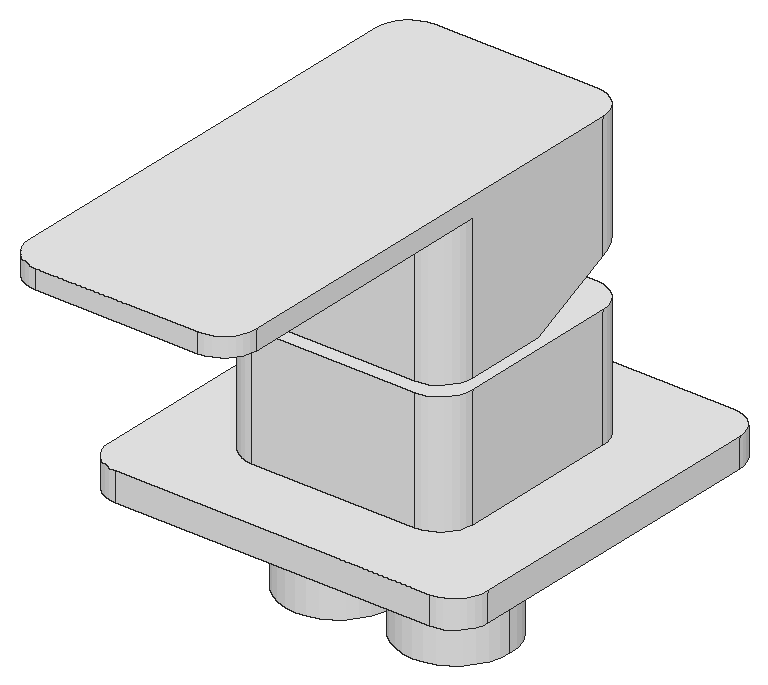
Revit family "Mixer-Bath Shower-Dorf Epic1", category Plumbing Fixtures, host Face, Revit 2012
Parameters (values of type "Epic Bath/Shower Mixer")
  Waste Connection = no
  Vent Connection = no
  URL = "http://www.dorf.com.au/"
  Type Comments = "Epic Bath/Shower Mixer"
  Spout = 125 mm  # constant formula
  Model = "6415.04"
  Material_ANZRS = Metal-Chrome-Caroma
  Manufacturer = "Dorf"  # constant formula
  Height = 27.5 mm  # constant formula
  HWFU = 2
  HW Connection = yes
  Description = "Fully featured cartridge, Chrome finish"  # constant formula
  Default Elevation = 900 mm
  CreatedBy_ANZRS = "Design Content"  # constant formula
  CreatedByURL_ANZRS = "www.designcontent.com.au"
  Cost = 0
  Connector Radius = 10 mm  # constant formula
  CWFU = 2
  CW Connection = yes
  Assembly Code = "D2020300"
Reference planes
  plane 1 "Center (Front/Back)": y = 0
  plane 2: z = 0
  plane 3 "Center (Left/Right)": x = 0
  plane 4: z = 27.5
  plane 5: z = 59.5
  plane 6: z = 55.926
  plane 7: z = 29.5
  plane 8: z = 46.567
  plane 9: z = 39.285
  plane 10: y = -70.985
  plane 11: z = 5.2
Forms (mm)
  Extrusion 1, solid, material "Metal-Chrome-Caroma" <- "Material_ANZRS", detail levels fine
    sketch origin (0, 0, 0) x (1, 0, 0) y (0, 1, 0)
      loop
        arc (-29, 35) -> (-33.243, 33.243) -> (-35, 29) r 6
        line (-35, 29) -> (-35, -29)
        arc (-35, -29) -> (-33.243, -33.243) -> (-29, -35) r 6
        line (-29, -35) -> (29, -35)
        arc (29, -35) -> (33.243, -33.243) -> (35, -29) r 6
        line (35, -29) -> (35, 29)
        arc (35, 29) -> (33.243, 33.243) -> (29, 35) r 6
        line (29, 35) -> (-29, 35)
    from 0 to 5.2
  Extrusion 2, solid, material "Metal-Chrome-Caroma" <- "Material_ANZRS", detail levels fine
    sketch origin (0, 0, 0) x (1, 0, 0) y (0, 1, 0)
      loop
        arc (-15, 21.015) -> (-19.243, 19.258) -> (-21, 15.015) r 6
        line (-21, 15.015) -> (-21, -15.015)
        arc (-21, -15.015) -> (-19.243, -19.258) -> (-15, -21.015) r 6
        line (-15, -21.015) -> (15, -21.015)
        arc (15, -21.015) -> (19.243, -19.258) -> (21, -15.015) r 6
        line (21, -15.015) -> (21, 15.015)
        arc (21, 15.015) -> (19.243, 19.258) -> (15, 21.015) r 6
        line (15, 21.015) -> (-15, 21.015)
    from 3.5 to 27.5
  Revolve 3, solid, material "Metal-Chrome-Caroma" <- "Material_ANZRS", detail levels fine
    sketch origin (0, 0, 0) x (0, 1, 0) y (0, 0, 1)
      loop
        arc (18.208, 27.5) -> (12.598, 39.872) -> (0, 44.955) r 18.274
        line (0, 44.955) -> (0, 27.5) -> (18.208, 27.5)
      axis (0, 44.955) -> (0, 27.5)
    angle from 0 to 360
  Extrusion 4, solid, material "Metal-Chrome-Caroma" <- "Material_ANZRS", detail levels fine
    sketch origin (0, 0, 0) x (1, 0, 0) y (0, 1, 0)
      loop
        arc (-15, 21.015) -> (-19.243, 19.258) -> (-21, 15.015) r 6
        line (-21, 15.015) -> (-21, -64.985)
        arc (-21, -64.985) -> (-19.243, -69.228) -> (-15, -70.985) r 6
        line (-15, -70.985) -> (15, -70.985)
        arc (15, -70.985) -> (19.243, -69.228) -> (21, -64.985) r 6
        line (21, -64.985) -> (21, 15.015)
        arc (21, 15.015) -> (19.243, 19.258) -> (15, 21.015) r 6
        line (15, 21.015) -> (-15, 21.015)
    from 55.926 to 59.5
  Extrusion 5, void
    sketch origin (271, 15, 0) x (0, 1, 0) y (0, 0, -1)
      loop
        line (6.015, -39.285) -> (6.015, -29.5) -> (-15, -29.5) -> (6.015, -39.285)
    from 250 to 292
  Extrusion 6, solid, material "Metal-Chrome-Caroma" <- "Material_ANZRS", detail levels fine
    sketch origin (0, 0, 0) x (1, 0, 0) y (0, 1, 0)
      loop
        arc (-15, 21.015) -> (-19.243, 19.258) -> (-21, 15.015) r 6
        line (-21, 15.015) -> (-21, -15.015)
        arc (-21, -15.015) -> (-19.243, -19.258) -> (-15, -21.015) r 6
        line (-15, -21.015) -> (15, -21.015)
        arc (15, -21.015) -> (19.243, -19.258) -> (21, -15.015) r 6
        line (21, -15.015) -> (21, 15.015)
        arc (21, 15.015) -> (19.243, 19.258) -> (15, 21.015) r 6
        line (15, 21.015) -> (-15, 21.015)
    from 29.5 to 59.5
  Revolve 7, solid, material "Metal-Chrome-Caroma" <- "Material_ANZRS", detail levels fine
    sketch origin (0, 0, -2.135) x (0, -1, 0) y (0, 0, -1)
      loop
        arc (22.115, -46.567) -> (21.831, -44.55) -> (21, -42.691) r 7.295
        line (21, -42.691) -> (21, -46.567) -> (22.115, -46.567)
      axis (22.115, -46.567) -> (21, -46.567)
    angle from 0 to 360
  Extrusion 8, solid, material "Metal-Chrome-Caroma" <- "Material_ANZRS"
    sketch origin (21.7, 0, 0) x (1, 0, 0) y (0, 1, 0)
      loop
        circle (-10.825, -6.25) r 10
    from -20 to 0
  Extrusion 9, solid, material "Metal-Chrome-Caroma" <- "Material_ANZRS"
    sketch origin (-21.651, 0, 0) x (-1, 0, 0) y (0, -1, 0)
      loop
        circle (-10.825, 6.25) r 10
    from -20 to 0
  Extrusion 10, solid, material "Metal-Chrome-Caroma" <- "Material_ANZRS"
    sketch origin (-2.905, 33.204, 0) x (1, 0, 0) y (0, 1, 0)
      loop
        circle (2.905, -20.704) r 10
    from -20 to 0
Cuts and joins
  joined: Extrusion 1, Extrusion 2
  Extrusion 5 cuts Extrusion 6
  joined: Extrusion 4, Extrusion 6
Lines and regions (mm)
  Masking region 1
    outline origin (-836.117, 213.861, 0) x (1, 0, 0) y (0, 1, 0)
      loop
        arc (815.118, -278.845) -> (816.88, -283.081) -> (821.117, -284.843) r 6.016
        line (821.117, -284.843) -> (851.116, -284.843)
        arc (851.116, -284.843) -> (855.361, -283.073) -> (857.118, -278.822) r 6.021
        line (857.118, -278.822) -> (857.118, -248.861) -> (865.117, -248.861)
        arc (865.117, -248.861) -> (869.36, -247.104) -> (871.117, -242.861) r 6
        line (871.117, -242.861) -> (871.117, -184.861)
        arc (871.117, -184.861) -> (869.36, -180.618) -> (865.117, -178.861) r 6
        line (865.117, -178.861) -> (807.117, -178.861)
        arc (807.117, -178.861) -> (802.874, -180.618) -> (801.117, -184.861) r 6
        line (801.117, -184.861) -> (801.117, -242.861)
        arc (801.117, -242.861) -> (802.874, -247.104) -> (807.117, -248.861) r 6
        line (807.117, -248.861) -> (815.118, -248.861) -> (815.118, -278.845)
  Masking region 2
    outline origin (74.844, 0, 268.026) x (1, 0, 0) y (0, 0, 1)
      loop
        line (-109.844, -268.026) -> (-39.844, -268.026) -> (-39.844, -263.326)
        arc (-39.844, -263.326) -> (-39.991, -262.972) -> (-40.344, -262.826) r 0.5
        line (-40.344, -262.826) -> (-53.844, -262.826) -> (-53.844, -241.026)
        arc (-53.844, -241.026) -> (-53.991, -240.672) -> (-54.344, -240.526) r 0.5
        line (-54.344, -240.526) -> (-56.362, -240.526)
        arc (-56.362, -240.526) -> (-56.435, -239.523) -> (-56.563, -238.526) r 18.494
        line (-56.563, -238.526) -> (-53.844, -238.526) -> (-53.844, -209.026)
        arc (-53.844, -209.026) -> (-53.991, -208.672) -> (-54.344, -208.526) r 0.5
        line (-54.344, -208.526) -> (-95.344, -208.526)
        arc (-95.344, -208.526) -> (-95.698, -208.672) -> (-95.844, -209.026) r 0.5
        line (-95.844, -209.026) -> (-95.844, -238.526) -> (-93.126, -238.526)
        arc (-93.126, -238.526) -> (-93.253, -239.523) -> (-93.326, -240.526) r 18.494
        line (-93.326, -240.526) -> (-95.344, -240.526)
        arc (-95.344, -240.526) -> (-95.698, -240.672) -> (-95.844, -241.026) r 0.5
        line (-95.844, -241.026) -> (-95.844, -262.826) -> (-109.344, -262.826)
        arc (-109.344, -262.826) -> (-109.698, -262.972) -> (-109.844, -263.326) r 0.5
        line (-109.844, -263.326) -> (-109.844, -268.026)
  Masking region 3
    outline origin (0, -946.28, 1362.605) x (0, 1, 0) y (0, 0, 1)
      loop
        line (981.28, -1362.605) -> (981.28, -1357.905)
        arc (981.28, -1357.905) -> (981.133, -1357.551) -> (980.78, -1357.405) r 0.5
        line (980.78, -1357.405) -> (967.28, -1357.405) -> (967.28, -1335.605)
        arc (967.28, -1335.605) -> (967.133, -1335.251) -> (966.78, -1335.105) r 0.5
        line (966.78, -1335.105) -> (964.762, -1335.105)
        arc (964.762, -1335.105) -> (963.895, -1330.293) -> (961.798, -1325.876) r 18.494
        line (961.798, -1325.876) -> (967.28, -1323.319) -> (967.28, -1303.605)
        arc (967.28, -1303.605) -> (967.133, -1303.251) -> (966.78, -1303.105) r 0.5
        line (966.78, -1303.105) -> (875.795, -1303.105)
        arc (875.795, -1303.105) -> (875.441, -1303.251) -> (875.295, -1303.605) r 0.5
        line (875.295, -1303.605) -> (875.295, -1306.179)
        arc (875.295, -1306.179) -> (875.441, -1306.532) -> (875.795, -1306.679) r 0.5
        line (875.795, -1306.679) -> (919.27, -1306.679)
        arc (919.27, -1306.679) -> (923.52, -1308.439) -> (925.28, -1312.688) r 6.01
        line (925.28, -1312.688) -> (925.28, -1314.26)
        arc (925.28, -1314.26) -> (924.165, -1318.136) -> (925.28, -1322.013) r 7.295
        line (925.28, -1322.013) -> (925.28, -1333.105) -> (927.998, -1333.105)
        arc (927.998, -1333.105) -> (927.871, -1334.102) -> (927.798, -1335.105) r 18.494
        line (927.798, -1335.105) -> (925.28, -1335.105) -> (925.28, -1357.405) -> (911.78, -1357.405)
        arc (911.78, -1357.405) -> (911.426, -1357.551) -> (911.28, -1357.905) r 0.5
        line (911.28, -1357.905) -> (911.28, -1362.605) -> (981.28, -1362.605)
  symbolic lines
    curve 1: line (-21, 0, 5.2) -> (21, 0, 5.2)
    curve 2: line (-18.482, 0, 27.5) -> (18.482, 0, 27.5)
    curve 3: line (-18.282, 0, 29.5) -> (18.282, 0, 29.5)
    curve 4: line (-20.5, 0, 55.926) -> (20.5, 0, 55.926)
    curve 5: arc (-21, 0, 56.426) -> (-20.854, 0, 56.073) -> (-20.5, 0, 55.926) r 0.5
    curve 6: arc (20.5, 0, 55.926) -> (20.854, 0, 56.073) -> (21, 0, 56.426) r 0.5
    curve 7: line (0, 15.518, 36.729) -> (0, 0.015, 29.5)
    curve 8: line (0, 0.015, 29.5) -> (0, -18.282, 29.5)
    curve 9: line (0, 21, 42.691) -> (0, 21, 50.444)
    curve 10: line (0, 18.482, 27.5) -> (0, -18.482, 27.5)
    curve 11: line (0, 21, 5.2) -> (0, -21, 5.2)
    curve 12: line (-21, 15.015, 0) -> (-21, -64.985, 0)
    curve 13: line (21, -64.985, 0) -> (21, 15.015, 0)
    curve 14: arc (21, 15.015, 0) -> (19.243, 19.258, 0) -> (15, 21.015, 0) r 6
    curve 15: line (15, 21.015, 0) -> (-15, 21.015, 0)
    curve 16: arc (-15, 21.015, 0) -> (-19.243, 19.258, 0) -> (-21, 15.015, 0) r 6
Dimensions and locks
  "Height": plane 4 to level
  locked: plane 7 to plane 4 at 2
  locked: plane 6 to plane 4 at 28.426
  locked: plane 5 to plane 4 at 32
  locked: plane 8 to plane 4 at 19.067
  locked: plane 9 to plane 4 at 11.785
  locked: plane 1 "Center (Front/Back)" to plane 10 at 70.985
  aligned and locked: plane 2 to host face
  aligned and locked: level to host face
  aligned and locked: curve 8 to plane 7
  aligned and locked: curve 10 to plane 4
  aligned and locked: cut or joined group of Extrusion 4, Extrusion 5, Extrusion 6 to plane 7
  aligned and locked: cut or joined group of Extrusion 4, Extrusion 5, Extrusion 6 to plane 6
  aligned and locked: plane 5 to cut or joined group of Extrusion 4, Extrusion 5, Extrusion 6
  aligned and locked: Extrusion 4 to plane 6
  aligned and locked: Extrusion 4 to Extrusion 6
  aligned and locked: Extrusion 6 to plane 7
  aligned and locked: plane 4 to Revolve 3
  aligned and locked: Extrusion 5 to cut or joined group of Extrusion 1, Extrusion 2
  aligned and locked: Extrusion 5 sketch curve to plane 7
  aligned and locked: plane 9 to Extrusion 5 sketch curve
  aligned and locked: plane 1 "Center (Front/Back)" to Extrusion 5 sketch curve
  aligned and locked: plane 5 to Masking region 3 sketch curve
  aligned and locked: plane 6 to Masking region 3 sketch curve
  aligned and locked: Masking region 3 sketch curve to plane 7
  aligned and locked: plane 4 to Masking region 3 sketch curve  (x2)
  aligned and locked: plane 10 to Masking region 3 sketch curve
Automatic sketch dimensions
  curve 12 to plane 3 "Center (Left/Right)" = 21 mm
  curve 16 to curve 16 = 6 mm
  plane 3 "Center (Left/Right)" to curve 14 = 15 mm
  curve 14 to curve 14 = 6 mm
  curve 12 to plane 10 = 6 mm
  curve 13 to plane 10 = 6 mm
  curve 12 to plane 1 "Center (Front/Back)" = 15.015 mm
  level to curve 11 = 5.2 mm
  plane 1 "Center (Front/Back)" to curve 11 = 21 mm
  plane 1 "Center (Front/Back)" to curve 10 = 18.482 mm
  curve 10 to curve 8 = 0.201 mm
  curve 8 to plane 1 "Center (Front/Back)" = 0.015 mm
  curve 7 to plane 9 = 2.556 mm
  curve 7 to plane 1 "Center (Front/Back)" = 15.518 mm
  curve 7 to curve 10 = 2.965 mm
  curve 11 to plane 1 "Center (Front/Back)" = 21 mm
  plane 8 to curve 9 = 3.877 mm
  curve 7 to curve 9 = 5.482 mm
  plane 9 to curve 9 = 3.405 mm
  host sketch curve to host sketch curve = 2438.4 mm  (x2)
  Masking region 2 sketch curve to plane 7 = 0 mm  (x2)
  Masking region 2 sketch curve to plane 5 = 0 mm
  Masking region 2 sketch curve to plane 4 = 0 mm  (x2)
  Masking region 2 sketch curve to Masking region 2 sketch curve = 0.5 mm  (x4)
  Masking region 2 sketch curve to plane 5 = 0.5 mm
  Masking region 2 sketch curve to plane 3 "Center (Left/Right)" = 21 mm
  Masking region 2 sketch curve to plane 4 = 0.5 mm
  Masking region 2 sketch curve to Masking region 2 sketch curve = 0 mm
  Masking region 2 sketch curve to Masking region 2 sketch curve = 2.018 mm  (x2)
  Masking region 2 sketch curve to Masking region 2 sketch curve = 0.201 mm  (x2)
  Masking region 2 sketch curve to plane 3 "Center (Left/Right)" = 0.008 mm
  plane 3 "Center (Left/Right)" to Masking region 2 sketch curve = 0.008 mm
  plane 3 "Center (Left/Right)" to Masking region 2 sketch curve = 18.282 mm
  plane 3 "Center (Left/Right)" to Masking region 2 sketch curve = 20.5 mm
  Masking region 2 sketch curve to Masking region 2 sketch curve = 13.5 mm  (x2)
  Masking region 2 sketch curve to Masking region 2 sketch curve = 4.7 mm
  plane 1 "Center (Front/Back)" to Extrusion 1 sketch curve = 29 mm
  Extrusion 1 sketch curve to plane 3 "Center (Left/Right)" = 35 mm
  Extrusion 1 sketch curve to Extrusion 1 sketch curve = 6 mm  (x3)
  plane 3 "Center (Left/Right)" to Extrusion 1 sketch curve = 29 mm  (x2)
  Extrusion 1 sketch curve to plane 1 "Center (Front/Back)" = 29 mm
  Extrusion 2 sketch curve to plane 3 "Center (Left/Right)" = 21 mm
  Extrusion 2 sketch curve to Extrusion 2 sketch curve = 6 mm  (x3)
  plane 3 "Center (Left/Right)" to Extrusion 2 sketch curve = 15 mm  (x2)
  plane 1 "Center (Front/Back)" to Extrusion 2 sketch curve = 21.015 mm
  Extrusion 2 sketch curve to plane 1 "Center (Front/Back)" = 15.015 mm
  Revolve 3 sketch curve to plane 1 "Center (Front/Back)" = 0 mm  (x2)
  plane 4 to Revolve 3 sketch curve = 0 mm
  plane 1 "Center (Front/Back)" to Revolve 3 sketch curve = 0.047 mm
  Revolve 3 sketch curve to Revolve 3 sketch curve = 18.208 mm
  Revolve 3 sketch curve to plane 4 = 0.819 mm
  Revolve 3 sketch curve to level = 609.6 mm
  plane 5 to Revolve 3 sketch curve = 2178.307 mm
  Extrusion 4 sketch curve to plane 3 "Center (Left/Right)" = 21 mm
  Extrusion 4 sketch curve to Extrusion 4 sketch curve = 6 mm  (x2)
  plane 10 to Extrusion 4 sketch curve = 0 mm
  plane 3 "Center (Left/Right)" to Extrusion 4 sketch curve = 15 mm  (x2)
  Extrusion 4 sketch curve to plane 10 = 6 mm
  Extrusion 4 sketch curve to plane 1 "Center (Front/Back)" = 15.015 mm
  Extrusion 5 sketch curve to plane 1 "Center (Front/Back)" = 21.015 mm
  Extrusion 6 sketch curve to plane 3 "Center (Left/Right)" = 21 mm
  Extrusion 6 sketch curve to Extrusion 6 sketch curve = 6 mm  (x3)
  plane 3 "Center (Left/Right)" to Extrusion 6 sketch curve = 15 mm  (x2)
  plane 1 "Center (Front/Back)" to Extrusion 6 sketch curve = 21.015 mm
  Extrusion 6 sketch curve to plane 1 "Center (Front/Back)" = 15.015 mm
  plane 9 to Masking region 3 sketch curve = 0 mm
  Masking region 3 sketch curve to plane 10 = 0.5 mm  (x2)
  plane 1 "Center (Front/Back)" to Masking region 3 sketch curve = 27.01 mm
  level to Masking region 3 sketch curve = 4.7 mm
  Masking region 3 sketch curve to Masking region 3 sketch curve = 0.5 mm  (x3)
  plane 9 to Masking region 3 sketch curve = 1.307 mm
  Masking region 3 sketch curve to Masking region 3 sketch curve = 6.01 mm
  Masking region 3 sketch curve to Masking region 3 sketch curve = 0 mm
  plane 8 to Masking region 3 sketch curve = 3.349 mm
  Masking region 3 sketch curve to Masking region 3 sketch curve = 2.518 mm
  Masking region 3 sketch curve to Masking region 3 sketch curve = 0.201 mm
  Masking region 3 sketch curve to Masking region 3 sketch curve = 6.18 mm
  plane 1 "Center (Front/Back)" to Masking region 3 sketch curve = 0.008 mm
  Masking region 3 sketch curve to plane 1 "Center (Front/Back)" = 0.008 mm
  Masking region 3 sketch curve to plane 9 = 2.556 mm
  Masking region 3 sketch curve to plane 1 "Center (Front/Back)" = 15.518 mm
  Masking region 3 sketch curve to Masking region 3 sketch curve = 2.965 mm
  Masking region 3 sketch curve to Masking region 3 sketch curve = 2.018 mm
  Masking region 3 sketch curve to plane 5 = 0.5 mm
  Masking region 3 sketch curve to plane 1 "Center (Front/Back)" = 20.5 mm
  Masking region 3 sketch curve to Masking region 3 sketch curve = 4.7 mm
  Masking region 3 sketch curve to plane 8 = 2.099 mm
  Revolve 7 sketch curve to plane 8 = 2.135 mm  (x2)
  plane 1 "Center (Front/Back)" to Revolve 7 sketch curve = 14.141 mm
  Revolve 7 sketch curve to Revolve 7 sketch curve = 0.679 mm
  Revolve 7 sketch curve to Revolve 7 sketch curve = 6.18 mm
  Revolve 7 sketch curve to Revolve 7 sketch curve = 1.115 mm
  Revolve 7 sketch curve to Revolve 7 sketch curve = 0 mm
  level to Masking region 3 sketch curve = 0 mm
  Masking region 2 sketch curve to plane 11 = 0 mm
  level to Masking region 2 sketch curve = 0 mm
  curve 1 to plane 11 = 0 mm
  curve 5 to plane 6 = 0 mm
  curve 2 to plane 4 = 0 mm
  curve 3 to plane 7 = 0 mm
  plane 6 to curve 5 = 0.5 mm
  curve 2 to curve 3 = 0.201 mm
  curve 3 to curve 2 = 0.201 mm
  plane 6 to curve 6 = 0.5 mm
  curve 3 to plane 3 "Center (Left/Right)" = 18.282 mm
  curve 5 to plane 3 "Center (Left/Right)" = 20.5 mm
  curve 1 to plane 3 "Center (Left/Right)" = 21 mm
  plane 3 "Center (Left/Right)" to curve 3 = 18.282 mm
  plane 3 "Center (Left/Right)" to curve 6 = 20.5 mm
  plane 3 "Center (Left/Right)" to curve 1 = 21 mm
  Masking region 3 sketch curve to Masking region 3 sketch curve = 13.5 mm
  Masking region 3 sketch curve to Masking region 3 sketch curve = 14 mm
  Masking region 1 sketch curve to plane 10 = 6.001 mm
  Masking region 1 sketch curve to plane 3 "Center (Left/Right)" = 20.999 mm
  Masking region 1 sketch curve to plane 10 = 0.003 mm
  Masking region 1 sketch curve to Masking region 1 sketch curve = 5.999 mm
  Masking region 1 sketch curve to plane 10 = 6.019 mm
  plane 3 "Center (Left/Right)" to Masking region 1 sketch curve = 14.981 mm
  Masking region 1 sketch curve to Masking region 1 sketch curve = 0.018 mm
  Masking region 1 sketch curve to plane 10 = 6.024 mm
  plane 3 "Center (Left/Right)" to Extrusion 8 sketch curve = 10.875 mm
  plane 1 "Center (Front/Back)" to Extrusion 8 sketch curve = 6.25 mm
  Extrusion 9 sketch curve to plane 3 "Center (Left/Right)" = 10.825 mm
  plane 1 "Center (Front/Back)" to Extrusion 9 sketch curve = 6.25 mm
  Extrusion 10 sketch curve to plane 3 "Center (Left/Right)" = 0 mm
  Extrusion 10 sketch curve to plane 1 "Center (Front/Back)" = 12.5 mm
  Masking region 1 sketch curve to Masking region 1 sketch curve = 6 mm  (x4)
  Masking region 1 sketch curve to Masking region 1 sketch curve = 0 mm
  Masking region 1 sketch curve to Masking region 1 sketch curve = 29.984 mm
  Masking region 1 sketch curve to plane 3 "Center (Left/Right)" = 29 mm
  Masking region 1 sketch curve to Masking region 1 sketch curve = 7.999 mm
  Masking region 1 sketch curve to plane 1 "Center (Front/Back)" = 29 mm
  radius of Extrusion 8 sketch curve = 10 mm
  radius of Extrusion 9 sketch curve = 10 mm
  radius of Extrusion 10 sketch curve = 10 mm
Connectors
  piping at (10.875, -6.25, -20), driven by "Connector Radius", driven by "CWFU"
    settings: on Extrusion 8, index 15, connector radius 0.3937", flow factor 0, pipe flow 0 GPM, pressure drop 0.00 psi, fitting loss kfactor 0, connector angle 0.00°, fixture units 2, engagement length 0 mm, flow configuration 3, flow direction 1, fitting loss method 1, system type 20, joint type 0, gender type 0, connector reference index -1, connector utility 0, adjustable connector no, is connector primary yes, fitting loss table "", connector description ""
  piping at (-10.825, -6.25, -20), driven by "Connector Radius", driven by "HWFU"
    settings: on Extrusion 9, index 16, connector radius 0.3937", flow factor 0, pipe flow 0 GPM, pressure drop 0.00 psi, fitting loss kfactor 0, connector angle 0.00°, fixture units 2, engagement length 0 mm, flow configuration 3, flow direction 1, fitting loss method 1, system type 19, joint type 0, gender type 0, connector reference index -1, connector utility 0, adjustable connector no, is connector primary no, fitting loss table "", connector description ""
  piping at (0, 12.5, -20), driven by "Connector Radius", driven by "HWFU"
    settings: on Extrusion 10, index 17, connector radius 0.3937", flow factor 0, pipe flow 0 GPM, pressure drop 0.00 psi, fitting loss kfactor 0, connector angle 0.00°, fixture units 2, engagement length 0 mm, flow configuration 3, flow direction 2, fitting loss method 1, system type 19, joint type 0, gender type 0, connector reference index -1, connector utility 0, adjustable connector no, is connector primary no, fitting loss table "", connector description ""
